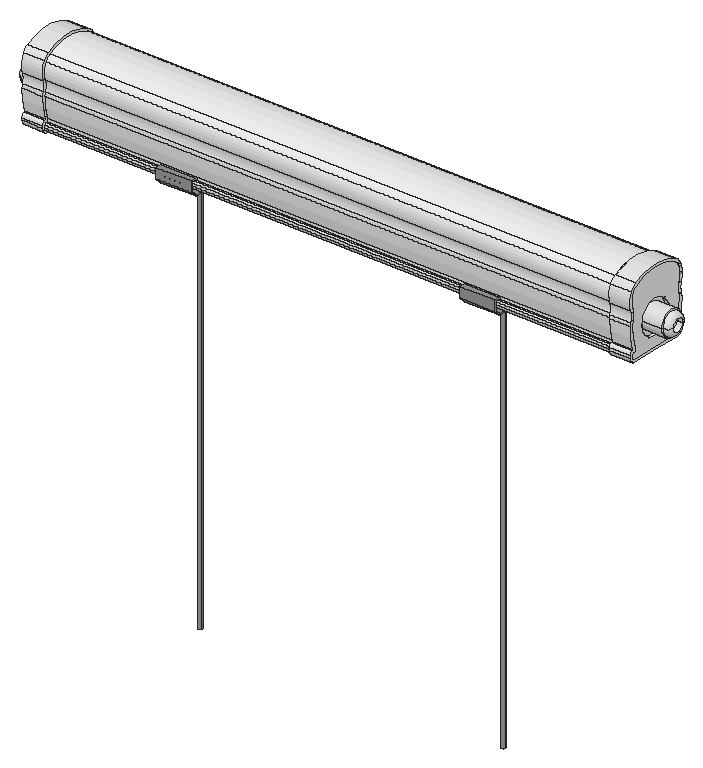
Revit family "0046030_suspended", category Lighting Fixtures, host Face, Revit 2016
Family settings
  Host = Face
  Part Type = Normal
  Round Connector Dimension = Use Diameter
  OmniClass Number = 23.80.70.00
  OmniClass Title = Lighting
  Cut with Voids When Loaded = No
  Light Source = No
  Shared = No
  Room Calculation Point = No
Parameters (values of type "0046030 ST WTRPRF SLIM 600 IP65 2400LM 840")
  Weight = "6.0 kg"
  Wattage Comments = ""
  WarrantyStartDate [instance] = "n/a"
  WarrantyGuarantorParts = "n/a"
  WarrantyDurationUnit = "n/a"
  WarrantyDurationParts = "n/a"
  WarrantyDescription = "n/a"
  Voltage = 0 V
  URL = "http://www.sylvania-lighting.com"
  TypeName = "START Waterproof Slim 600 IP65 2400lm 840"
  TypeFixture_SYL = START Waterproof Slim Fixture : 0046030 ST WTRPRF SLIM 600 IP65 2400LM 840
  Type Image = <None>
  Type Comments = "n/a"
  SuspensionHeight_SYL [instance] = 400 mm
  SerialNumber [instance] = "n/a"
  S_SYL = yes
  Material_3_SYL = Aluminum
  PowerFactor = 0.9
  PowerConsumption = "19 W"
  NominalLength = 648 mm
  NominalHeight = 75 mm
  NominalDepth = 63 mm
  Name = "START Waterproof Slim 600 IP65 2400lm 840"
  ModelReference = Name  # "START Waterproof Slim 600 IP65 2400lm 840"
  ModelNumber = "0046030"
  Model = Name  # "START Waterproof Slim 600 IP65 2400lm 840"
  Material = "n/a"
  ManufacturerName = "Feilo Sylvania"
  Manufacturer = "Feilo Sylvania"
  M_SYL = no
  LuminousEfficacy = "130 lm/W"
  LuminaireType = ""
  LightOutputRatio = "n/a"
  LampsType = Lamp  # "LED"
  LampNominalLuminous = "2400 lm"
  LampMacAdamStep = "n/a"
  LampColourTemperature = "4000 K"
  LampColourRenderingIndex = "80"
  Lamp = "LED"
  Keynote = "16500"
  InstallationDate [instance] = "n/a"
  InputVoltage = "n/a"
  InputNominalFrequency = "n/a"
  IngressProtection = "IP65"
  ImpactProtectionIndex = "IK08"
  IfcExportType = "IfcLightFixtureType"
  IfcExportAs = "IfcLightFixtureType"
  ElectricShockClassification = "Class I"
  DocumentationLiterature = "http://www.sylvania-lighting.com/product/en-int/products/0046030"
  DimmingControlOptions = "n/a"
  Material_2_SYL = Diffuser-Sylvania
  Description = "START Waterproof Slim is a LED integrated polycarbonate housing luminaire with easy to access electrical terminal through bayonet lock end caps and tool-free electrical connection due to push-in terminal. Flexible installation as mounting brackets can be positioned freely on the luminaire. 19W; 2400lm; High efficiency with 130lm/W and 50,000 lifetime. SDCM ≤6; IP65; IK08; Class I; 648mm x 63mm x 75mm ,"
  Default Elevation = 1219.2 mm
  CreatedOn = "3/5/2019"
  CreatedBy = "@sylvania-lighting.com"
  Cost = 0
  built-in parameter 1114216 [instance] = (empty or 0)
  ClassificationValue = "EF_70_80"
  ClassificationName = "Uniclass2015"
  Material_1_SYL = PC/ABS Plastic
  BracketDistance_SYL = if(S_SYL, 300 mm, if(M_SYL, 600 mm, 750 mm))  # 300 mm
  BarCode [instance] = "n/a"
  AssetType = "Fixed"
  AssetIdentifier [instance] = "n/a"
  Assembly Code = "D5020200"
  Apparent Load = 19 VA
  Material_4_SYL = none
Reference planes
  plane 1 "Center (Front/Back)": y = 0
  plane 2: z = 0
  plane 3 "Center (Left/Right)": x = 0
  plane 4: x = -150
  plane 5: x = 150
  plane 6: z = 400
Forms (mm)
  Extrusion 1, solid, material "Aluminum" <- "Material_3_SYL"
    sketch origin (0, 0, 0) x (1, 0, 0) y (0, 1, 0)
      loop
        circle (-150, 0) r 2
      loop
        circle (150, 0) r 2
    from 0 to 400
Dimensions and locks
  equal spacing: plane 4, plane 3 "Center (Left/Right)", plane 5
  "BracketDistance_SYL": plane 4 to plane 5
  "SuspensionHeight_SYL": plane 6 to plane 2
  aligned and locked: plane 2 to host face
  aligned and locked: level to host face
  aligned and locked: Extrusion 1 to plane 6
  aligned and locked: plane 3 "Center (Left/Right)" to nested 1
  aligned and locked: plane 1 "Center (Front/Back)" to nested 1
Automatic sketch dimensions
  host sketch curve to host sketch curve = 2438.4 mm  (x2)
  plane 1 "Center (Front/Back)" to Extrusion 1 sketch curve = 0 mm  (x2)
  Extrusion 1 sketch curve to plane 4 = 0 mm
  Extrusion 1 sketch curve to plane 5 = 0 mm
  radius of Extrusion 1 sketch curve = 2 mm  (x2)
Nested families
  nested 1: "START Waterproof Slim Fixture" at (0, 0, 400), type <- "TypeFixture_SYL", type "0046030 ST WTRPRF SLIM 600 IP65 2400LM 840"
    with WarrantyStartDate "n/a", SerialNumber "n/a", InstallationDate "n/a", built-in parameter 1114216 (empty or 0), BarCode "n/a", AssetIdentifier "n/a"
Definition of nested family "START Waterproof Slim Fixture"
  Parameters (values of type "0046034 ST WTRPRF SLIM 1500 IP65 3500LM 840")
    Weight = "8.64 kg"
    Wattage Comments = ""
    Wattage = 28 W
    WarrantyStartDate [instance] = "n/a"
    WarrantyGuarantorParts = "n/a"
    WarrantyDurationUnit = "n/a"
    WarrantyDurationParts = "n/a"
    WarrantyDescription = "n/a"
    built-in parameter 1150110 = 1 (stored number, unit not read)
    Voltage = 0 V
    URL = "http://www.sylvania-lighting.com"
    TypeName = "START Waterproof Slim 1500 IP65 3500lm 840"
    Type Image = (empty or 0)
    Type Comments = "n/a"
    built-in parameter 1114217 = 1 (stored number, unit not read)
    Tilt Angle = -90.00°
    built-in parameter 1150109 = 1 (stored number, unit not read)
    built-in parameter 1150134 = 12
    built-in parameter 1150113 = 1 (stored number, unit not read)
    SerialNumber [instance] = "n/a"
    S_SYL = no
    Photometric Web File = "0046034.ies"
    Material_3_SYL = none
    PowerFactor = 0.9
    PowerConsumption = "28 W"
    NominalLength = 1448 mm
    NominalHeight = 75 mm
    NominalDepth = 63 mm
    Name = "START Waterproof Slim 1500 IP65 3500lm 840"
    ModelReference = Name  # "START Waterproof Slim 1500 IP65 3500lm 840"
    ModelNumber = "0046034"
    Model = Name  # "START Waterproof Slim 1500 IP65 3500lm 840"
    Material = "n/a"
    ManufacturerName = "Feilo Sylvania"
    Manufacturer = "Feilo Sylvania"
    M_SYL = no
    LuminousEfficacy = "130 lm/W"
    built-in parameter 1150105 = 289.66 (stored number, unit not read)
    Lumens = 3640 lm
    LuminaireType = ""
    built-in parameter 1150115 = 1 (stored number, unit not read)
    LightOutputRatio = "n/a"
    built-in parameter 1150137 = (empty or 0)
    built-in parameter 1150139 = (empty or 0)
    Length_SYL = if(S_SYL, 601 mm, if(M_SYL, 1161 mm, 1442 mm))  # 1442 mm
    LampsType = Lamp  # "LED"
    LampNominalLuminous = "3650 lm"
    LampMacAdamStep = "n/a"
    LampColourTemperature = "4000 K"
    LampColourRenderingIndex = "80"
    built-in parameter 1150112 = 1 (stored number, unit not read)
    built-in parameter 1150114 = 1 (stored number, unit not read)
    Lamp = "LED"
    Keynote = "16500"
    InstallationDate [instance] = "n/a"
    InputVoltage = "n/a"
    InputNominalFrequency = "n/a"
    built-in parameter 1150132 = (empty or 0)
    built-in parameter 1150102 = (empty or 0)
    built-in parameter 1150107 = 4000 (stored number, unit not read)
    built-in parameter 1150138 = (empty or 0)
    IngressProtection = "IP65"
    ImpactProtectionIndex = "IK08"
    built-in parameter 1150106 = 2.8966 (stored number, unit not read)
    IfcExportType = "IfcLightFixtureType"
    IfcExportAs = "IfcLightFixtureType"
    Emit from Rectangle Width = 60 mm
    Emit from Rectangle Length = Length_SYL - 41 mm  # 1401 mm
    Emit Shape Visible in Rendering = no
    ElectricShockClassification = "Class I"
    built-in parameter 1150104 = 12.077 (stored number, unit not read)
    DocumentationLiterature = "http://www.sylvania-lighting.com/product/en-int/products/0046034"
    DimmingControlOptions = "n/a"
    Material_2_SYL = none
    Dimming Lamp Color Temperature Shift = (empty or 0)
    Description = "START Waterproof Slim is a LED integrated polycarbonate housing luminaire with easy to access electrical terminal through bayonet lock end caps and tool-free electrical connection due to push-in terminal. Flexible installation as mounting brackets can be positioned freely on the luminaire. 28W; 3650lm; High efficiency with 130lm/W and 50,000 lifetime. SDCM ≤6; IP65; IK08; Class I; 1489mm x 63mm x 75mm ,"
    Default Elevation = 1219.2 mm
    CreatedOn = "3/5/2019"
    CreatedBy = "@sylvania-lighting.com"
    Cost = 0
    Color Filter = 16777215
    built-in parameter 1114216 [instance] = (empty or 0)
    ClassificationValue = "EF_70_80"
    ClassificationName = "Uniclass2015"
    Material_1_SYL = none
    BracketDistance_SYL = if(S_SYL, 300 mm, if(M_SYL, 600 mm, 750 mm))  # 750 mm
    BarCode [instance] = "n/a"
    built-in parameter 1114218 = 1 (stored number, unit not read)
    built-in parameter 1150133 = 10 (stored number, unit not read)
    AssetType = "Fixed"
    AssetIdentifier [instance] = "n/a"
    Assembly Code = "D5020200"
    Apparent Load = 28 VA
    Material_4_SYL = none
  Types (5, lengths in mm): name | Weight | Wattage | TypeName | S_SYL | Photometric Web File | PowerConsumption | NominalLength | Name | ModelReference | ModelNumber | Model | M_SYL | built-in parameter 1150105 | Lumens | Length_SYL | LampNominalLuminous | built-in parameter 1150106 | Emit from Rectangle Length | DocumentationLiterature | Description | BracketDistance_SYL | Apparent Load
    0046034 ST WTRPRF SLIM 1500 IP65 3500LM 840 | "8.64 kg" | 28 W | "START Waterproof Slim 1500 IP65 3500lm 840" | no | "0046034.ies" | "28 W" | 1448 | "START Waterproof Slim 1500 IP65 3500lm 840" | "START Waterproof Slim 1500 IP65 3500lm 840" | "0046034" | "START Waterproof Slim 1500 IP65 3500lm 840" | no | 289.66 (stored number, unit not read) | 3640 lm | 1442 | "3650 lm" | 2.8966 (stored number, unit not read) | 1401 | "http://www.sylvania-lighting.com/product/en-int/products/0046034" | "START Waterproof Slim is a LED integrated polycarbonate housing luminaire with easy to access electrical terminal through bayonet lock end caps and tool-free electrical connection due to push-in terminal. Flexible installation as mounting brackets can be positioned freely on the luminaire. 28W; 3650lm; High efficiency with 130lm/W and 50,000 lifetime. SDCM ≤6; IP65; IK08; Class I; 1489mm x 63mm x 75mm ," | 750 | 28 VA
    0046033 ST WTRPRF SLIM 1200 IP65 2400LM 840 | "7.26 kg" | 19 W | "START Waterproof Slim 1200 IP65 2400lm 840" | no | "0046033.ies" | "19 W" | 1208 | "START Waterproof Slim 1200 IP65 2400lm 840" | "START Waterproof Slim 1200 IP65 2400lm 840" | "0046033" | "START Waterproof Slim 1200 IP65 2400lm 840" | yes | 196.56 (stored number, unit not read) | 2470 lm | 1161 | "2400 lm" | 1.9656 (stored number, unit not read) | 1120 | "http://www.sylvania-lighting.com/product/en-int/products/0046033" | "START Waterproof Slim is a LED integrated polycarbonate housing luminaire with easy to access electrical terminal through bayonet lock end caps and tool-free electrical connection due to push-in terminal. Flexible installation as mounting brackets can be positioned freely on the luminaire. 19W; 2400lm; High efficiency with 130lm/W and 50,000 lifetime. SDCM ≤6; IP65; IK08; Class I; 1208mm x 63mm x 75mm ," | 600 | 19 VA
    0046032 ST WTRPRF SLIM 1500 IP65 6200LM 840 | "8.88 kg" | 50 W | "START Waterproof Slim 1500 IP65 6200lm 840" | no | "0046032.ies" | "50 W" | 1448 | "START Waterproof Slim 1500 IP65 6200lm 840" | "START Waterproof Slim 1500 IP65 6200lm 840" | "0046032" | "START Waterproof Slim 1500 IP65 6200lm 840" | no | 517.25 (stored number, unit not read) | 6500 lm | 1442 | "6500 lm" | 5.1725 (stored number, unit not read) | 1401 | "http://www.sylvania-lighting.com/product/en-int/products/0046032" | "START Waterproof Slim is a LED integrated polycarbonate housing luminaire with easy to access electrical terminal through bayonet lock end caps and tool-free electrical connection due to push-in terminal. Flexible installation as mounting brackets can be positioned freely on the luminaire. 50W; 6500lm; High efficiency with 130lm/W and 50,000 lifetime. SDCM ≤6; IP65; IK08; Class I; 1489mm x 63mm x 75mm ," | 750 | 50 VA
    0046031 ST WTRPRF SLIM 1200 IP65 4600LM 840 | "7.38 kg" | 35 W | "START Waterproof Slim 1200 IP65 4600lm 840" | no | "0046031.ies" | "35 W" | 1208 | "START Waterproof Slim 1200 IP65 4600lm 840" | "START Waterproof Slim 1200 IP65 4600lm 840" | "0046031" | "START Waterproof Slim 1200 IP65 4600lm 840" | yes | 362.08 (stored number, unit not read) | 4550 lm | 1161 | "4550 lm" | 3.6208 (stored number, unit not read) | 1120 | "http://www.sylvania-lighting.com/product/en-int/products/0046031" | "START Waterproof Slim is a LED integrated polycarbonate housing luminaire with easy to access electrical terminal through bayonet lock end caps and tool-free electrical connection due to push-in terminal. Flexible installation as mounting brackets can be positioned freely on the luminaire. 35W; 4550lm; High efficiency with 130lm/W and 50,000 lifetime. SDCM ≤6; IP65; IK08; Class I; 1208mm x 63mm x 75mm ," | 600 | 35 VA
    0046030 ST WTRPRF SLIM 600 IP65 2400LM 840 | "6.0 kg" | 19 W | "START Waterproof Slim 600 IP65 2400lm 840" | yes | "0046030.ies" | "19 W" | 648 | "START Waterproof Slim 600 IP65 2400lm 840" | "START Waterproof Slim 600 IP65 2400lm 840" | "0046030" | "START Waterproof Slim 600 IP65 2400lm 840" | no | 196.56 (stored number, unit not read) | 2470 lm | 601 | "2400 lm" | 1.9656 (stored number, unit not read) | 560 | "http://www.sylvania-lighting.com/product/en-int/products/0046030" | "START Waterproof Slim is a LED integrated polycarbonate housing luminaire with easy to access electrical terminal through bayonet lock end caps and tool-free electrical connection due to push-in terminal. Flexible installation as mounting brackets can be positioned freely on the luminaire. 19W; 2400lm; High efficiency with 130lm/W and 50,000 lifetime. SDCM ≤6; IP65; IK08; Class I; 648mm x 63mm x 75mm ," | 300 | 19 VA
  Reference planes
    plane 1 "Center (Front/Back)": y = 0
    plane 2: z = 0
    plane 3 "Center (Left/Right)": x = 0
    plane 4: y = 31.5
    plane 5: y = -31.5
    plane 6: z = 86
    plane 7: z = 5
    plane 8: x = -721
    plane 9: x = 721
    plane 10: x = -700.5
    plane 11: x = 700.5
    plane 12: x = -720
    plane 13: x = 720
    plane 14: z = 33.7
    plane 15: y = 11
    plane 16: x = 716
    plane 17: x = -716
    plane 18: y = 17
    plane 19: x = 736.5
    plane 20: x = -736.5
    plane 21: x = 742.7
    plane 22: x = -742.7
    plane 23: y = 12.2
    plane 24: y = 6.2
    plane 25: z = 1
    plane 26: y = 26
    plane 27: y = -26
    plane 28: z = 15
    plane 29: x = -375
    plane 30: x = 375
    plane 31: x = -392.5
    plane 32: x = -357.5
    plane 33: x = 392.5
    plane 34: x = 357.5
  Forms (mm)
    Extrusion 1, solid
      sketch origin (4.2, 0, 0) x (1, 0, 0) y (0, 1, 0)
        loop
          line (-1219.2, 1219.2) -> (-1219.2, -1219.2) -> (1219.2, -1219.2) -> (1219.2, 1219.2) -> (-1219.2, 1219.2)
      from 0 to -68.017
    Extrusion 2, solid
      sketch origin (0, 0, 5) x (0, 1, 0) y (0, 0, 1)
        loop
          arc (26.446, 12.356) -> (28.93, 23.033) -> (29.9, 33.951) r 78.424
          arc (29.9, 33.951) -> (29.789, 35.375) -> (29.407, 36.75) r 7.401
          arc (29.407, 36.75) -> (28.37, 42.326) -> (29.407, 47.901) r 15.507
          arc (29.407, 47.901) -> (30.59, 55.782) -> (28.321, 63.421) r 18.358
          arc (28.321, 63.421) -> (26.333, 66.056) -> (23.699, 68.044) r 11.911
          arc (23.699, 68.044) -> (0, 74.189) -> (-23.699, 68.044) r 48.773
          arc (-23.699, 68.044) -> (-26.333, 66.056) -> (-28.321, 63.421) r 11.911
          arc (-28.321, 63.421) -> (-30.59, 55.782) -> (-29.407, 47.901) r 18.358
          arc (-29.407, 47.901) -> (-28.37, 42.326) -> (-29.407, 36.75) r 15.507
          arc (-29.407, 36.75) -> (-29.789, 35.375) -> (-29.9, 33.951) r 7.401
          arc (-29.9, 33.951) -> (-28.93, 23.033) -> (-26.446, 12.356) r 78.424
          line (-26.446, 12.356) -> (-26.446, 9.516) -> (-28.478, 9.516)
          arc (-28.478, 9.516) -> (-29.483, 9.1) -> (-29.9, 8.094) r 1.422
          line (-29.9, 8.094) -> (-29.9, 5.51)
          arc (-29.9, 5.51) -> (-28.755, 2.745) -> (-25.99, 1.6) r 3.91
          line (-25.99, 1.6) -> (0, 1.6) -> (25.99, 1.6)
          arc (25.99, 1.6) -> (28.755, 2.745) -> (29.9, 5.51) r 3.91
          line (29.9, 5.51) -> (29.9, 8.094)
          arc (29.9, 8.094) -> (29.483, 9.1) -> (28.478, 9.516) r 1.422
          line (28.478, 9.516) -> (26.446, 9.516) -> (26.446, 12.356)
      from -700.5 to 700.5
    Extrusion 3, solid, material <- "Material_1_SYL"
      sketch origin (700.5, 1524, 1224.2) x (0, 1, 0) y (0, 0, 1)
        loop
          line (-1552.046, -1207.084) -> (-1552.046, -1208.115)
          arc (-1552.046, -1208.115) -> (-1554.456, -1208.821) -> (-1555.5, -1211.106) r 3.022
          line (-1555.5, -1211.106) -> (-1555.5, -1213.69)
          arc (-1555.5, -1213.69) -> (-1553.886, -1217.586) -> (-1549.99, -1219.2) r 5.51
          line (-1549.99, -1219.2) -> (-1524, -1219.2) -> (-1498.01, -1219.2)
          arc (-1498.01, -1219.2) -> (-1494.114, -1217.586) -> (-1492.5, -1213.69) r 5.51
          line (-1492.5, -1213.69) -> (-1492.5, -1211.106)
          arc (-1492.5, -1211.106) -> (-1493.544, -1208.821) -> (-1495.954, -1208.115) r 3.022
          line (-1495.954, -1208.115) -> (-1495.954, -1207.084)
          arc (-1495.954, -1207.084) -> (-1493.471, -1196.301) -> (-1492.5, -1185.279) r 80.024
          arc (-1492.5, -1185.279) -> (-1492.635, -1183.547) -> (-1493.1, -1181.874) r 9.001
          arc (-1493.1, -1181.874) -> (-1494.03, -1176.874) -> (-1493.1, -1171.874) r 13.907
          arc (-1493.1, -1171.874) -> (-1491.814, -1163.307) -> (-1494.28, -1155.001) r 19.958
          arc (-1494.28, -1155.001) -> (-1496.535, -1152.013) -> (-1499.524, -1149.758) r 13.511
          arc (-1499.524, -1149.758) -> (-1524, -1143.411) -> (-1548.476, -1149.758) r 50.373
          arc (-1548.476, -1149.758) -> (-1551.465, -1152.013) -> (-1553.72, -1155.001) r 13.511
          arc (-1553.72, -1155.001) -> (-1556.186, -1163.307) -> (-1554.9, -1171.874) r 19.958
          arc (-1554.9, -1171.874) -> (-1553.97, -1176.874) -> (-1554.9, -1181.874) r 13.907
          arc (-1554.9, -1181.874) -> (-1555.365, -1183.547) -> (-1555.5, -1185.279) r 9.001
          arc (-1555.5, -1185.279) -> (-1554.529, -1196.301) -> (-1552.046, -1207.084) r 80.024
      from 0 to 20.5
    Extrusion 4, solid, material <- "Material_1_SYL"
      sketch origin (-700.5, 1524, 1224.2) x (0, 1, 0) y (0, 0, 1)
        loop
          arc (-1499.524, -1149.758) -> (-1524, -1143.411) -> (-1548.476, -1149.758) r 50.373
          arc (-1548.476, -1149.758) -> (-1551.465, -1152.013) -> (-1553.72, -1155.001) r 13.511
          arc (-1553.72, -1155.001) -> (-1556.186, -1163.307) -> (-1554.9, -1171.874) r 19.958
          arc (-1554.9, -1171.874) -> (-1553.97, -1176.874) -> (-1554.9, -1181.874) r 13.907
          arc (-1554.9, -1181.874) -> (-1555.365, -1183.547) -> (-1555.5, -1185.279) r 9.001
          arc (-1555.5, -1185.279) -> (-1554.529, -1196.301) -> (-1552.046, -1207.084) r 80.024
          line (-1552.046, -1207.084) -> (-1552.046, -1208.115)
          arc (-1552.046, -1208.115) -> (-1554.456, -1208.821) -> (-1555.5, -1211.106) r 3.022
          line (-1555.5, -1211.106) -> (-1555.5, -1213.69)
          arc (-1555.5, -1213.69) -> (-1553.886, -1217.586) -> (-1549.99, -1219.2) r 5.51
          line (-1549.99, -1219.2) -> (-1524, -1219.2) -> (-1498.01, -1219.2)
          arc (-1498.01, -1219.2) -> (-1494.114, -1217.586) -> (-1492.5, -1213.69) r 5.51
          line (-1492.5, -1213.69) -> (-1492.5, -1211.106)
          arc (-1492.5, -1211.106) -> (-1493.544, -1208.821) -> (-1495.954, -1208.115) r 3.022
          line (-1495.954, -1208.115) -> (-1495.954, -1207.084)
          arc (-1495.954, -1207.084) -> (-1493.471, -1196.301) -> (-1492.5, -1185.279) r 80.024
          arc (-1492.5, -1185.279) -> (-1492.635, -1183.547) -> (-1493.1, -1181.874) r 9.001
          arc (-1493.1, -1181.874) -> (-1494.03, -1176.874) -> (-1493.1, -1171.874) r 13.907
          arc (-1493.1, -1171.874) -> (-1491.814, -1163.307) -> (-1494.28, -1155.001) r 19.958
          arc (-1494.28, -1155.001) -> (-1496.535, -1152.013) -> (-1499.524, -1149.758) r 13.511
      from -20.5 to 0
    Extrusion 5, void
      sketch origin (721, 1524, 1224.2) x (0, -1, 0) y (0, 0, 1)
        loop
          arc (1553.033, -1171.155) -> (1554.191, -1163.446) -> (1551.972, -1155.973) r 17.958
          arc (1551.972, -1155.973) -> (1550.051, -1153.427) -> (1547.504, -1151.506) r 11.511
          arc (1547.504, -1151.506) -> (1524, -1145.411) -> (1500.496, -1151.506) r 48.373
          arc (1500.496, -1151.506) -> (1497.949, -1153.427) -> (1496.028, -1155.973) r 11.511
          arc (1496.028, -1155.973) -> (1493.809, -1163.446) -> (1494.967, -1171.155) r 17.958
          arc (1494.967, -1171.155) -> (1496.03, -1176.874) -> (1494.967, -1182.593) r 15.907
          arc (1494.967, -1182.593) -> (1494.605, -1183.895) -> (1494.5, -1185.241) r 7.001
          arc (1494.5, -1185.241) -> (1495.47, -1196.134) -> (1497.954, -1206.784) r 78.024
          line (1497.954, -1206.784) -> (1497.954, -1210.094) -> (1495.668, -1210.094)
          arc (1495.668, -1210.094) -> (1494.853, -1210.333) -> (1494.5, -1211.106) r 1.022
          line (1494.5, -1211.106) -> (1494.5, -1213.69)
          arc (1494.5, -1213.69) -> (1495.528, -1216.172) -> (1498.01, -1217.2) r 3.51
          line (1498.01, -1217.2) -> (1524, -1217.2) -> (1549.99, -1217.2)
          arc (1549.99, -1217.2) -> (1552.472, -1216.172) -> (1553.5, -1213.69) r 3.51
          line (1553.5, -1213.69) -> (1553.5, -1211.106)
          arc (1553.5, -1211.106) -> (1553.147, -1210.333) -> (1552.332, -1210.094) r 1.022
          line (1552.332, -1210.094) -> (1550.046, -1210.094) -> (1550.046, -1206.784)
          arc (1550.046, -1206.784) -> (1552.53, -1196.134) -> (1553.5, -1185.241) r 78.024
          arc (1553.5, -1185.241) -> (1553.395, -1183.895) -> (1553.033, -1182.593) r 7.001
          arc (1553.033, -1182.593) -> (1551.97, -1176.874) -> (1553.033, -1171.155) r 15.907
      from 0 to 1
    Extrusion 6, void
      sketch origin (-721, 1524, 1224.2) x (0, -1, 0) y (0, 0, 1)
        loop
          arc (1547.504, -1151.506) -> (1524, -1145.411) -> (1500.496, -1151.506) r 48.373
          arc (1500.496, -1151.506) -> (1497.949, -1153.427) -> (1496.028, -1155.973) r 11.511
          arc (1496.028, -1155.973) -> (1493.809, -1163.446) -> (1494.967, -1171.155) r 17.958
          arc (1494.967, -1171.155) -> (1496.03, -1176.874) -> (1494.967, -1182.593) r 15.907
          arc (1494.967, -1182.593) -> (1494.605, -1183.895) -> (1494.5, -1185.241) r 7.001
          arc (1494.5, -1185.241) -> (1495.47, -1196.134) -> (1497.954, -1206.784) r 78.024
          line (1497.954, -1206.784) -> (1497.954, -1210.094) -> (1495.668, -1210.094)
          arc (1495.668, -1210.094) -> (1494.853, -1210.333) -> (1494.5, -1211.106) r 1.022
          line (1494.5, -1211.106) -> (1494.5, -1213.69)
          arc (1494.5, -1213.69) -> (1495.528, -1216.172) -> (1498.01, -1217.2) r 3.51
          line (1498.01, -1217.2) -> (1524, -1217.2) -> (1549.99, -1217.2)
          arc (1549.99, -1217.2) -> (1552.472, -1216.172) -> (1553.5, -1213.69) r 3.51
          line (1553.5, -1213.69) -> (1553.5, -1211.106)
          arc (1553.5, -1211.106) -> (1553.147, -1210.333) -> (1552.332, -1210.094) r 1.022
          line (1552.332, -1210.094) -> (1550.046, -1210.094) -> (1550.046, -1206.784)
          arc (1550.046, -1206.784) -> (1552.53, -1196.134) -> (1553.5, -1185.241) r 78.024
          arc (1553.5, -1185.241) -> (1553.395, -1183.895) -> (1553.033, -1182.593) r 7.001
          arc (1553.033, -1182.593) -> (1551.97, -1176.874) -> (1553.033, -1171.155) r 15.907
          arc (1553.033, -1171.155) -> (1554.191, -1163.446) -> (1551.972, -1155.973) r 17.958
          arc (1551.972, -1155.973) -> (1550.051, -1153.427) -> (1547.504, -1151.506) r 11.511
      from 0 to -1
    Revolve 7, void
      sketch origin (0, 1219.2, 33.7) x (1, 0, 0) y (0, 1, 0)
        loop
          line (720, -1202.2) -> (716, -1202.2) -> (716, -1219.2) -> (720, -1219.2) -> (720, -1202.2)
        loop
          line (-716, -1219.2) -> (-716, -1202.2) -> (-720, -1202.2) -> (-720, -1219.2) -> (-716, -1219.2)
        axis (720, -1219.2) -> (-720, -1219.2)
      angle from 360 to 0
    Revolve 8, solid, material <- "Material_1_SYL"
      sketch origin (0, 1219.2, 33.7) x (1, 0, 0) y (0, 1, 0)
        loop
          line (716, -1219.2) -> (736.5, -1219.2) -> (736.5, -1213) -> (742.7, -1213)
          arc (742.7, -1213) -> (740.42, -1209.54) -> (736.5, -1208.2) r 6.404
          line (736.5, -1208.2) -> (736.5, -1207) -> (716, -1207) -> (716, -1219.2)
        loop
          line (-716, -1219.2) -> (-716, -1207) -> (-736.5, -1207) -> (-736.5, -1208.2)
          arc (-736.5, -1208.2) -> (-740.42, -1209.54) -> (-742.7, -1213) r 6.404
          line (-742.7, -1213) -> (-736.5, -1213) -> (-736.5, -1219.2) -> (-716, -1219.2)
        axis (742.7, -1219.2) -> (-742.7, -1219.2)
      angle from 360 to 0
    Extrusion 9, solid, material <- "Material_3_SYL"
      sketch origin (-375, 1524, 1214.2) x (0, 1, 0) y (0, 0, 1)
        loop
          line (-1498, -1213.2) -> (-1550, -1213.2) -> (-1555.5, -1207.7) -> (-1555.5, -1199.2) -> (-1550.446, -1199.2) -> (-1550.446, -1198.2) -> (-1556.5, -1198.2) -> (-1556.5, -1208.114) -> (-1550.414, -1214.2) -> (-1497.586, -1214.2) -> (-1491.5, -1208.114) -> (-1491.5, -1198.2) -> (-1497.554, -1198.2) -> (-1497.554, -1199.2) -> (-1492.5, -1199.2) -> (-1492.5, -1207.7) -> (-1498, -1213.2)
      from -17.5 to 17.5
    Extrusion 10, solid, material <- "Material_3_SYL"
      sketch origin (375, 1524, 1214.2) x (0, 1, 0) y (0, 0, 1)
        loop
          line (-1550, -1213.2) -> (-1555.5, -1207.7) -> (-1555.5, -1199.2) -> (-1550.446, -1199.2) -> (-1550.446, -1198.2) -> (-1556.5, -1198.2) -> (-1556.5, -1208.114) -> (-1550.414, -1214.2) -> (-1497.586, -1214.2) -> (-1491.5, -1208.114) -> (-1491.5, -1198.2) -> (-1497.554, -1198.2) -> (-1497.554, -1199.2) -> (-1492.5, -1199.2) -> (-1492.5, -1207.7) -> (-1498, -1213.2) -> (-1550, -1213.2)
      from -17.5 to 17.5
  Cuts and joins
    Extrusion 5, Revolve 7 cuts Extrusion 3
    Extrusion 6, Revolve 7 cuts Extrusion 4
  Lines and regions (mm)
    reference lines
      curve 1: line (0, 0, 5) -> (0, -25.99, 5)
      curve 2: line (0, -31.5, 10.51) -> (0, -31.5, 13.094)
      curve 3: line (0, -28.478, 16.116) -> (0, -28.046, 16.116)
      curve 4: line (0, -28.046, 16.116) -> (0, -28.046, 17.116)
      curve 5: arc (0, -28.046, 17.116) -> (0, -30.529, 27.899) -> (0, -31.5, 38.921) r 80.024
      curve 6: arc (0, -31.5, 38.921) -> (0, -31.365, 40.653) -> (0, -30.9, 42.326) r 9.001
      curve 7: arc (0, -30.9, 42.326) -> (0, -29.97, 47.326) -> (0, -30.9, 52.326) r 13.907
      curve 8: arc (0, -30.9, 52.326) -> (0, -32.186, 60.893) -> (0, -29.72, 69.199) r 19.958
      curve 9: arc (0, -29.72, 69.199) -> (0, -27.465, 72.187) -> (0, -24.476, 74.442) r 13.511
      curve 10: arc (0, -31.5, 13.094) -> (0, -30.615, 15.231) -> (0, -28.478, 16.116) r 3.022
      curve 11: arc (0, -25.99, 5) -> (0, -29.886, 6.614) -> (0, -31.5, 10.51) r 5.51
      curve 12: line (0, 0, 5) -> (0, 25.99, 5)
      curve 13: line (0, 31.5, 10.51) -> (0, 31.5, 13.094)
      curve 14: line (0, 28.478, 16.116) -> (0, 28.046, 16.116)
      curve 15: line (0, 28.046, 16.116) -> (0, 28.046, 17.116)
      curve 16: arc (0, 28.046, 17.116) -> (0, 30.529, 27.899) -> (0, 31.5, 38.921) r 80.024
      curve 17: arc (0, 31.5, 38.921) -> (0, 31.365, 40.653) -> (0, 30.9, 42.326) r 9.001
      curve 18: arc (0, 30.9, 42.326) -> (0, 29.97, 47.326) -> (0, 30.9, 52.326) r 13.907
      curve 19: arc (0, 30.9, 52.326) -> (0, 32.186, 60.893) -> (0, 29.72, 69.199) r 19.958
      curve 20: arc (0, 29.72, 69.199) -> (0, 27.465, 72.187) -> (0, 24.476, 74.442) r 13.511
      curve 21: arc (0, 31.5, 13.094) -> (0, 30.615, 15.231) -> (0, 28.478, 16.116) r 3.022
      curve 22: arc (0, 25.99, 5) -> (0, 29.886, 6.614) -> (0, 31.5, 10.51) r 5.51
      curve 23: arc (0, -24.476, 74.442) -> (0, 0, 80.789) -> (0, 24.476, 74.442) r 50.373
      curve 24: circle (0, 0, 33.7) r 17 normal (1, 0, 0)
      curve 25: circle (0, 0, 33.7) r 11 normal (1, 0, 0)
      curve 26: line (0, -26, 1) -> (0, -31.5, 6.5)
      curve 27: line (0, 26, 1) -> (0, 31.5, 6.5)
  Dimensions and locks
    equal spacing: plane 5, plane 1 "Center (Front/Back)", plane 4
    plane 5 to plane 4 = 63 mm
    equal spacing: plane 8, plane 3 "Center (Left/Right)", plane 9
    "Length_SYL": plane 8 to plane 9
    equal spacing: plane 10, plane 3 "Center (Left/Right)", plane 11
    locked: plane 8 to plane 10 at 20.5
    equal spacing: plane 12, plane 3 "Center (Left/Right)", plane 13
    locked: plane 8 to plane 12 at 1
    locked: plane 7 to plane 14 at 28.7
    equal spacing: plane 17, plane 3 "Center (Left/Right)", plane 16
    locked: plane 12 to plane 17 at 4
    locked: plane 1 "Center (Front/Back)" to plane 15 at 11
    locked: plane 1 "Center (Front/Back)" to plane 18 at 17
    equal spacing: plane 20, plane 3 "Center (Left/Right)", plane 19
    equal spacing: plane 22, plane 3 "Center (Left/Right)", plane 21
    locked: plane 20 to plane 12 at 16.5
    locked: plane 22 to plane 20 at 6.2
    locked: plane 15 to plane 23 at 1.2
    locked: plane 1 "Center (Front/Back)" to plane 24 at 6.2
    locked: plane 25 to plane 7 at 4
    equal spacing: plane 27, plane 1 "Center (Front/Back)", plane 26
    locked: plane 27 to plane 26 at 52
    locked: plane 7 to plane 28 at 10
    equal spacing: plane 29, plane 3 "Center (Left/Right)", plane 30
    "BracketDistance_SYL": plane 29 to plane 30
    plane 31 to plane 29 to plane 32 = 17.5 mm locked, 17.5 mm locked
    plane 34 to plane 30 to plane 33 = 17.5 mm locked, 17.5 mm locked
    aligned and locked: plane 2 to Extrusion 1
    aligned and locked: level to Extrusion 1
    aligned and locked: curve 1 to plane 7
    aligned and locked: curve 2 to plane 5
    aligned and locked: plane 5 to curve 5
    aligned and locked: Extrusion 2 to plane 10
    aligned and locked: plane 11 to Extrusion 2
    aligned and locked: Extrusion 3 sketch curve to curve 5
    aligned and locked: Extrusion 3 sketch curve to curve 6
    aligned and locked: Extrusion 3 sketch curve to curve 7
    aligned and locked: Extrusion 3 sketch curve to curve 8
    aligned and locked: Extrusion 3 sketch curve to curve 9
    aligned and locked: Extrusion 3 sketch curve to curve 23
    aligned and locked: Extrusion 3 sketch curve to curve 20
    aligned and locked: Extrusion 3 sketch curve to curve 19
    aligned and locked: Extrusion 3 sketch curve to curve 18
    aligned and locked: Extrusion 3 sketch curve to curve 17
    aligned and locked: Extrusion 3 sketch curve to curve 16
    aligned and locked: Extrusion 3 sketch curve to curve 21
    aligned and locked: Extrusion 3 sketch curve to curve 22
    aligned and locked: Extrusion 3 sketch curve to curve 1
    aligned and locked: Extrusion 3 sketch curve to curve 11
    aligned and locked: Extrusion 3 sketch curve to curve 10
    aligned and locked: Extrusion 3 sketch curve to curve 15
    aligned and locked: Extrusion 3 sketch curve to curve 4
    aligned and locked: plane 9 to Extrusion 3
    aligned and locked: Extrusion 3 to Extrusion 2
    aligned and locked: Extrusion 4 sketch curve to Extrusion 3  (x18)
    aligned and locked: Extrusion 4 to plane 8
    aligned and locked: Extrusion 4 to Extrusion 2
    aligned and locked: Extrusion 5 to plane 13
    aligned and locked: Extrusion 6 sketch curve to cut or joined group of Extrusion 3, Extrusion 5, Revolve 7  (x20)
    aligned and locked: plane 12 to Extrusion 6
    aligned and locked: Extrusion 6 to plane 8
    aligned and locked: plane 1 "Center (Front/Back)" to curve 24
    aligned and locked: plane 14 to curve 24
    aligned and locked: plane 1 "Center (Front/Back)" to curve 25
    aligned and locked: plane 14 to curve 25
    aligned and locked: Revolve 7 sketch curve to plane 1 "Center (Front/Back)"  (x2)
    aligned and locked: plane 18 to Revolve 7 sketch curve
    aligned and locked: Revolve 7 sketch curve to plane 13
    aligned and locked: plane 16 to Revolve 7 sketch curve
    aligned and locked: plane 1 "Center (Front/Back)" to Revolve 7 sketch curve
    aligned and locked: plane 17 to Revolve 7 sketch curve
    aligned and locked: Revolve 7 sketch curve to plane 18
    aligned and locked: Revolve 7 sketch curve to plane 12
    aligned and locked: Revolve 8 sketch curve to plane 1 "Center (Front/Back)"  (x3)
    aligned and locked: Revolve 8 sketch curve to cut or joined group of Extrusion 3, Extrusion 5, Revolve 7
    aligned and locked: Revolve 8 sketch curve to plane 23
    aligned and locked: Revolve 8 sketch curve to plane 19
    aligned and locked: Revolve 8 sketch curve to plane 24  (x2)
    aligned and locked: plane 19 to Revolve 8 sketch curve
    aligned and locked: Revolve 8 sketch curve to plane 17
    aligned and locked: plane 20 to Revolve 8 sketch curve
    aligned and locked: Revolve 8 sketch curve to plane 20
    aligned and locked: plane 23 to Revolve 8 sketch curve
    aligned and locked: imposter light to plane 1 "Center (Front/Back)"
    aligned and locked: imposter light to plane 6
    aligned and locked: plane 3 "Center (Left/Right)" to imposter light
    aligned and locked: plane 27 to curve 26
    aligned and locked: plane 5 to curve 26
    aligned and locked: plane 25 to curve 27
    aligned and locked: plane 4 to curve 27
    aligned and locked: Extrusion 9 sketch curve to plane 25
    aligned and locked: Extrusion 9 sketch curve to curve 27
    aligned and locked: plane 28 to Extrusion 9 sketch curve  (x2)
    aligned and locked: Extrusion 9 sketch curve to plane 4
    aligned and locked: Extrusion 2 to Extrusion 9 sketch curve  (x3)
    aligned and locked: Extrusion 9 sketch curve to curve 26
    aligned and locked: Extrusion 9 sketch curve to plane 5
    aligned and locked: Extrusion 9 sketch curve to Extrusion 2
    aligned and locked: plane 32 to Extrusion 9
    aligned and locked: Extrusion 9 to plane 31
    aligned and locked: Extrusion 10 sketch curve to Extrusion 9  (x16)
    aligned and locked: plane 33 to Extrusion 10
    aligned and locked: Extrusion 10 to plane 34
  Automatic sketch dimensions
    Extrusion 1 sketch curve to Extrusion 1 sketch curve = 2438.4 mm  (x2)
    Extrusion 2 sketch curve to plane 1 "Center (Front/Back)" = 0 mm  (x2)
    plane 1 "Center (Front/Back)" to Extrusion 2 sketch curve = 12.276 mm
    Extrusion 2 sketch curve to Extrusion 2 sketch curve = 5.635 mm  (x2)
    Extrusion 2 sketch curve to plane 5 = 8.999 mm
    level to Extrusion 2 sketch curve = 6.6 mm
    Extrusion 2 sketch curve to plane 5 = 5.51 mm
    Extrusion 2 sketch curve to plane 5 = 5.054 mm
    Extrusion 2 sketch curve to Extrusion 2 sketch curve = 2.031 mm  (x2)
    Extrusion 2 sketch curve to plane 5 = 1.6 mm
    plane 5 to Extrusion 2 sketch curve = 12.377 mm
    Extrusion 2 sketch curve to Extrusion 2 sketch curve = 4.633 mm  (x2)
    Extrusion 2 sketch curve to plane 1 "Center (Front/Back)" = 12.276 mm
    plane 4 to Extrusion 2 sketch curve = 8.999 mm
    plane 4 to Extrusion 2 sketch curve = 5.51 mm
    plane 4 to Extrusion 2 sketch curve = 5.054 mm
    Extrusion 2 sketch curve to Extrusion 2 sketch curve = 1.422 mm
    Extrusion 2 sketch curve to plane 4 = 12.377 mm
    Extrusion 2 sketch curve to Extrusion 2 sketch curve = 2.584 mm  (x2)
    Extrusion 2 sketch curve to Extrusion 2 sketch curve = 2.839 mm  (x2)
    Extrusion 2 sketch curve to Extrusion 2 sketch curve = 23.816 mm
    Extrusion 2 sketch curve to Extrusion 2 sketch curve = 21.734 mm  (x2)
    Extrusion 2 sketch curve to Extrusion 2 sketch curve = 1.328 mm
    Extrusion 2 sketch curve to Extrusion 2 sketch curve = 1.466 mm
    Extrusion 2 sketch curve to Extrusion 2 sketch curve = 6.908 mm  (x2)
    plane 6 to Extrusion 2 sketch curve = 26.499 mm  (x2)
    Extrusion 2 sketch curve to Extrusion 2 sketch curve = 3.132 mm  (x2)
    Extrusion 2 sketch curve to plane 5 = 7.801 mm
    Extrusion 2 sketch curve to Extrusion 2 sketch curve = 0 mm  (x7)
    plane 4 to Extrusion 2 sketch curve = 2.093 mm
    Extrusion 3 sketch curve to plane 1 "Center (Front/Back)" = 0 mm
    Extrusion 3 sketch curve to Extrusion 3 sketch curve = 0.431 mm
    Extrusion 4 sketch curve to plane 1 "Center (Front/Back)" = 0 mm
    Extrusion 5 sketch curve to plane 1 "Center (Front/Back)" = 0 mm  (x2)
    Extrusion 5 sketch curve to plane 1 "Center (Front/Back)" = 12.276 mm
    Extrusion 5 sketch curve to Extrusion 5 sketch curve = 5.635 mm  (x2)
    plane 4 to Extrusion 5 sketch curve = 8.999 mm
    level to Extrusion 5 sketch curve = 7 mm
    plane 4 to Extrusion 5 sketch curve = 5.51 mm
    plane 4 to Extrusion 5 sketch curve = 5.454 mm
    Extrusion 5 sketch curve to Extrusion 5 sketch curve = 2.431 mm
    plane 4 to Extrusion 5 sketch curve = 2 mm
    Extrusion 5 sketch curve to plane 4 = 12.377 mm
    Extrusion 5 sketch curve to Extrusion 5 sketch curve = 4.633 mm  (x2)
    plane 1 "Center (Front/Back)" to Extrusion 5 sketch curve = 12.276 mm
    Extrusion 5 sketch curve to plane 5 = 8.999 mm
    Extrusion 5 sketch curve to plane 5 = 5.51 mm
    Extrusion 5 sketch curve to Extrusion 5 sketch curve = 0.056 mm
    Extrusion 5 sketch curve to Extrusion 5 sketch curve = 2.285 mm
    Extrusion 5 sketch curve to Extrusion 5 sketch curve = 0.146 mm  (x2)
    Extrusion 5 sketch curve to Extrusion 5 sketch curve = 1.022 mm
    plane 5 to Extrusion 5 sketch curve = 12.377 mm
    Extrusion 5 sketch curve to Extrusion 5 sketch curve = 2.584 mm  (x2)
    Extrusion 5 sketch curve to Extrusion 5 sketch curve = 3.31 mm
    Extrusion 5 sketch curve to Extrusion 5 sketch curve = 4.322 mm
    Extrusion 5 sketch curve to Extrusion 5 sketch curve = 23.416 mm
    Extrusion 5 sketch curve to Extrusion 5 sketch curve = 21.674 mm  (x2)
    Extrusion 5 sketch curve to Extrusion 5 sketch curve = 1.328 mm
    Extrusion 5 sketch curve to Extrusion 5 sketch curve = 1.459 mm
    Extrusion 5 sketch curve to Extrusion 5 sketch curve = 6.908 mm  (x2)
    plane 6 to Extrusion 5 sketch curve = 26.499 mm  (x2)
    Extrusion 5 sketch curve to Extrusion 5 sketch curve = 3.132 mm  (x2)
    plane 4 to Extrusion 5 sketch curve = 7.996 mm
    Extrusion 5 sketch curve to Extrusion 5 sketch curve = 0 mm  (x7)
    Extrusion 5 sketch curve to plane 5 = 2.467 mm
    Extrusion 6 sketch curve to plane 1 "Center (Front/Back)" = 0 mm
    Revolve 7 sketch curve to plane 8 = 1368.5 mm
    plane 9 to Revolve 7 sketch curve = 1368.5 mm
    Revolve 8 sketch curve to plane 22 = 0 mm
    plane 15 to Revolve 8 sketch curve = 0 mm  (x2)
    Revolve 8 sketch curve to plane 21 = 0 mm
    Revolve 8 sketch curve to plane 22 = 1346.8 mm
    plane 21 to Revolve 8 sketch curve = 1346.8 mm
    curve 6 to plane 5 = 0 mm
    curve 23 to plane 1 "Center (Front/Back)" = 0 mm
    curve 1 to plane 1 "Center (Front/Back)" = 0 mm
    curve 27 to plane 26 = 0 mm
    curve 21 to plane 4 = 0 mm
    curve 17 to plane 4 = 0 mm
    curve 16 to plane 4 = 0 mm
    plane 25 to curve 26 = 0 mm
    plane 5 to curve 7 = 12.377 mm
    curve 16 to curve 7 = 4.633 mm
    plane 27 to curve 10 = 2.478 mm
    curve 3 to curve 3 = 0.431 mm
    curve 11 to plane 27 = 0.01 mm
    curve 6 to plane 27 = 3.499 mm
    curve 9 to plane 27 = 8.089 mm
    curve 9 to curve 8 = 5.635 mm
    curve 19 to plane 23 = 0.076 mm
    curve 20 to plane 18 = 0.911 mm
    plane 26 to curve 17 = 3.499 mm
    plane 26 to curve 12 = 0.01 mm
    curve 14 to plane 26 = 2.046 mm
    curve 21 to plane 26 = 2.478 mm
    curve 18 to plane 4 = 12.377 mm
    curve 18 to curve 5 = 4.633 mm
    curve 11 to curve 10 = 2.584 mm
    curve 22 to curve 21 = 2.584 mm
    curve 14 to curve 15 = 1 mm
    curve 3 to curve 4 = 1 mm
    curve 23 to curve 25 = 3.284 mm
    curve 6 to plane 14 = 5.39 mm
    curve 17 to plane 14 = 5.39 mm
    curve 5 to curve 18 = 6.908 mm
    curve 16 to curve 7 = 6.908 mm
    plane 6 to curve 19 = 26.499 mm
    plane 6 to curve 8 = 26.499 mm
    curve 19 to curve 20 = 3.132 mm
    curve 8 to curve 9 = 3.132 mm
    curve 7 to plane 5 = 0.6 mm
    curve 8 to curve 7 = 0 mm
    curve 9 to curve 8 = 0 mm
    curve 23 to curve 9 = 0 mm
    curve 20 to curve 23 = 0 mm
    curve 19 to curve 20 = 0 mm
    curve 18 to curve 17 = 0 mm
    curve 26 to plane 7 = 1.5 mm
    curve 27 to plane 7 = 1.5 mm
    plane 5 to Extrusion 9 sketch curve = 1 mm
    plane 27 to Extrusion 9 sketch curve = 0.414 mm
    Extrusion 9 sketch curve to plane 26 = 0.414 mm
    Extrusion 9 sketch curve to plane 4 = 1 mm
    plane 25 to Extrusion 9 sketch curve = 1 mm
    Extrusion 9 sketch curve to Extrusion 9 sketch curve = 0.414 mm  (x2)
    Extrusion 9 sketch curve to plane 28 = 1 mm  (x2)
    radius of curve 24 = 17 mm
    radius of curve 25 = 11 mm
  Connectors
    electrical at (-736.5, 0, 33.7), driven by "Voltage", driven by "Apparent Load", driven by "PowerFactor"
      settings: on Revolve 8, index 1, voltage 0 V, apparent load 0 VA, apparent load phase1 28 VA, apparent load phase2 0 VA, apparent load phase3 0 VA, power factor 0.9, load classification none, number of poles 1, system type 31, power factor state 1, is connector primary yes, connector utility no, sub classification motor no, connector description ""
